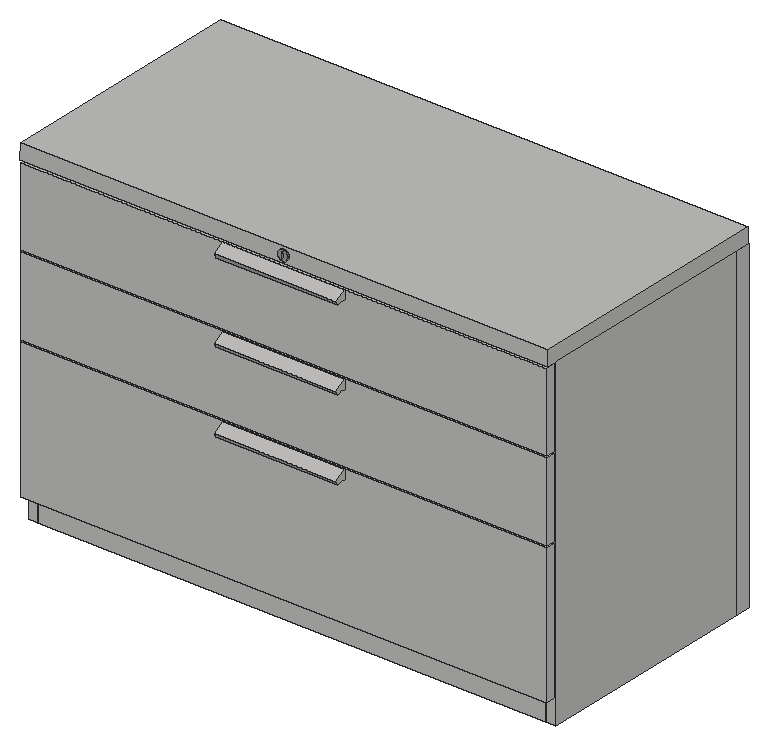
Revit family "Storage-Teknion-PLDWS_Worksurface_Height_Drawer_Cabinet_Standard-R2015", category Furniture, Revit 2015
Parameters (values of type "Worksurface Height Drawer Cabinet - Standard - Configuration - Box / Box / File")
  Width [instance] = 42.0000"
  Warranty = "http://www.teknion.com/ca/papers/legal-canada"
  Unit Weight URL = "http://www.teknion.com/ca/tools/assets#&asset=bee6a381-b954-425e-8283-5a2de3a804f2,f828d448-4b62-4231-9e5f-9a8991c0ed77"
  URL = "www.teknion.com"
  Top of Top Drawer = 25.8250"  # constant formula
  Top of Middle Drawer = 19.4260"  # constant formula
  Top of Bottom Drawer = if(ConfigurationBQ, 17.3500", 13.0000")  # 13.0000"
  Sustainability Data = "http://www.teknion.com/ca/tools/assets#&topic=216f99a5-57a0-44fc-b10a-9dee9b29ae4c&asset=444deb64-fe58-4b68-981e-f75e97781df7"
  Series = "Ledger Plus"  # constant formula
  Product Page URL = "http://www.teknion.com/ca/products/product-details?productlineid=1293336e-8e7a-673b-a6c8-ff00004460c4"
  Product Line = "Filing & Storage"
  Product Documentation Link = "http://www.teknion.com/pricing/filing-storage/pdfs/PLDWS_ppg.pdf"
  Part Number = "PLDWS"
  Model = "PLDWS_BBF_"
  Middle Drawer Visiblitiy I [instance] = and(ConfigurationBBF, Has Interpret Handle Style)  # no
  Middle Drawer Visiblitiy D [instance] = and(ConfigurationBBF, Has District Handle Style)  # yes
  Manufacturer Phone = "416-661-3370"  # constant formula
  Manufacturer Fax = "416.661.4586"  # constant formula
  Manufacturer Contact Information = "http://www.teknion.com/ca/contactus"
  Manufacturer Address = "1150 Flint Road, Toronto, ON. M3J 2J5. Canada"  # constant formula
  Manufacturer = "Teknion"  # constant formula
  Lock Finish [instance] = Stainless Steel, Polished
  Height = 27.2000"  # constant formula
  Has Interpret Handle Style [instance] = not(Has District Handle Style)  # no
  Has District Handle Style [instance] = yes
  Handle Interior Finish [instance] = Paint - Teknion - Accent - Mineral Teal
  Handle Exterior Finish [instance] = Paint - Teknion - Foundation - Crisp Grey
  Front Finish [instance] = Paint - Teknion - Foundation - Crisp Grey
  District Cutout [instance] = if(Has Interpret Handle Style, 7.0000", 1.0000")  # 1.0000"
  Description = "Worksurface Height Drawer Cabinet -  Box / Box / File"
  Depth [instance] = 20.0000"
  ConfigurationLF = no
  ConfigurationBQ = no
  ConfigurationBBF = yes
  Case Finish [instance] = Paint - Teknion - Foundation - Crisp Grey
  Bottom of Top Drawer = if(ConfigurationLF, 13.1560", if(ConfigurationBBF, 19.5820", 17.5060"))  # 19.5820"
  Bottom of Middle Drawer = 13.1560"  # constant formula
  Bottom of Bottom Drawer = if(ConfigurationBQ, 1.5150", 1.9800")  # 1.9800"
  Available Widths [instance] = "24, 30 ,36 , & 42 Inches."  # constant formula
  Available Depths [instance] = "18, & 20 Inches."  # constant formula
  Assembly Code = "E2020200"
Types (4): name | Top of Bottom Drawer | Model | Middle Drawer Visiblitiy D | Description | ConfigurationLF | ConfigurationBQ | ConfigurationBBF | Bottom of Top Drawer | Bottom of Bottom Drawer
  (no name) | 13.0000" | "PLDWS_BBF_" | yes | "Worksurface Height Drawer Cabinet -  Box / Box / File" | no | no | yes | 19.5820" | 1.9800"
  Worksurface Height Drawer Cabinet - Standard - Configuration - Box / Box / File | 13.0000" | "PLDWS_BBF_" | yes | "Worksurface Height Drawer Cabinet -  Box / Box / File" | no | no | yes | 19.5820" | 1.9800"
  Worksurface Height Drawer Cabinet - Standard - Configuration - Box / Extra Large File | 17.3500" | "PLDWS_BQ_" | no | "Worksurface Height Drawer Cabinet - Box / Extra Large File" | no | yes | no | 17.5060" | 1.5150"
  Worksurface Height Drawer Cabinet - Standard - Configuration - Large File / File | 13.0000" | "PLDWS_LF_" | no | "Worksurface Height Drawer Cabinet -  Large File / File" | yes | no | no | 13.1560" | 1.9800"
Reference planes (in)
  plane 1 "Center Front/Back": y = 0
  plane 2: z = 0
  plane 3 "Center Left/Right": x = 0
  plane 4 "Left": x = -21
  plane 5 "Right": x = 21
  plane 6 "Back": y = 10
  plane 7 "Front": y = -10
  plane 8 "Top": z = 27.2
  plane 9 "Left Inner": x = -20.25
  plane 10 "Right Inner": x = 20.25
  plane 11 "Top Underside": z = 25.96
  plane 12 "Drawer back": y = -9.25
  plane 13 "Case Front": y = -9.195
  plane 14 "Bottom Base": z = 1.806
  plane 15: y = 9.25
  plane 16: y = 8.73
  plane 17 "bottom of bottom": z = 1.98
  plane 18 "top of bottom": z = 13
  plane 19 "bottom of middle": z = 13.156
  plane 20 "top of middle": z = 19.426
  plane 21 "bottom of top": z = 19.582
  plane 22 "top of top": z = 25.825
  plane 23 "Cutout": y = -15
Forms (in)
  Extrusion 1, solid, material "Paint - Teknion - Foundation - Crisp Grey" <- "Case Finish"
    sketch origin (0, 0, 25.96) x (-1, 0, 0) y (0, -1, 0)
      loop
        line (21, -10) -> (21, 10) -> (-21, 10) -> (-21, -10) -> (21, -10)
    from 0 to 1.24
  Extrusion 2, solid, material "Paint - Teknion - Foundation - Crisp Grey" <- "Case Finish"
    sketch origin (0, 0, 1.806) x (-1, 0, 0) y (0, -1, 0)
      loop
        line (20.25, -9.25) -> (20.25, 9.195) -> (-20.25, 9.195) -> (-20.25, -9.25) -> (20.25, -9.25)
    from 0 to 0.75
  Extrusion 3, solid, material "Paint - Teknion - Foundation - Crisp Grey" <- "Case Finish"
    sketch origin (0, 0, 0) x (1, 0, 0) y (0, 1, 0)
      loop
        line (-21, 10) -> (-21, 8.73) -> (-20.25, 8.73) -> (-20.25, 9.25) -> (20.25, 9.25) -> (20.25, 8.73) -> (21, 8.73) -> (21, 10) -> (-21, 10)
    from 0 to 25.96
  Extrusion 4, solid, material "Paint - Teknion - Foundation - Crisp Grey" <- "Case Finish"
    sketch origin (0, 0, 0) x (1, 0, 0) y (0, 1, 0)
      loop
        line (-21, 8.73) -> (-21, -9.195) -> (-20.25, -9.195) -> (-20.25, 8.73) -> (-21, 8.73)
    from 0 to 25.96
  Extrusion 5, solid, material "Paint - Teknion - Foundation - Crisp Grey" <- "Case Finish"
    sketch origin (0, 0, 0) x (1, 0, 0) y (0, 1, 0)
      loop
        line (20.25, 8.73) -> (20.25, -9.195) -> (21, -9.195) -> (21, 8.73) -> (20.25, 8.73)
    from 0 to 25.96
  Extrusion 6, solid, material "Paint - Teknion - Foundation - Crisp Grey" <- "Front Finish"
    sketch origin (0, 0, 1.98) x (-1, 0, 0) y (0, -1, 0)
      loop
        line (20.9375, 9.25) -> (20.9375, 10) -> (-20.9375, 10) -> (-20.9375, 9.25) -> (20.9375, 9.25)
    from 0 to 11.02
  Extrusion 7, solid, material "Paint - Teknion - Foundation - Crisp Grey" <- "Front Finish"
    sketch origin (0, 0, 19.582) x (-1, 0, 0) y (0, -1, 0)
      loop
        line (20.9375, 9.25) -> (20.9375, 10) -> (-20.9375, 10) -> (-20.9375, 9.25) -> (20.9375, 9.25)
    from 6.243 to 0
  Extrusion 8, solid, material "Paint - Teknion - Foundation - Crisp Grey" <- "Front Finish", visible <- "ConfigurationBBF"
    sketch origin (0, 0, 13.156) x (-1, 0, 0) y (0, -1, 0)
      loop
        line (20.9375, 9.25) -> (20.9375, 10) -> (-20.9375, 10) -> (-20.9375, 9.25) -> (20.9375, 9.25)
    from 0 to 6.27
  Extrusion 9, solid, material "Paint - Teknion - Foundation - Crisp Grey" <- "Handle Exterior Finish", visible <- "Has District Handle Style"
    sketch origin (0, 0, 0) x (0, 1, 0) y (0, 0, 1)
      loop
        line (-10, 25.39199) -> (-10, 25.825) -> (-10.86603, 25.325) -> (-10.67853, 25.00024)
        arc (-10.67853, 25.00024) -> (-10.34625, 25.09964) -> (-10, 25.07979) r 1.00175
        line (-10, 25.07979) -> (-10, 25.39199)
    from -4.8425 to 4.8425
  Extrusion 10, solid, material "Paint - Teknion - Foundation - Crisp Grey" <- "Handle Exterior Finish", visible <- "Middle Drawer Visiblitiy D"
    sketch origin (0, 0, 0) x (0, 1, 0) y (0, 0, 1)
      loop
        line (-10, 18.99299) -> (-10, 19.426) -> (-10.86603, 18.926) -> (-10.67853, 18.60124)
        arc (-10.67853, 18.60124) -> (-10.34625, 18.70064) -> (-10, 18.68079) r 1.00175
        line (-10, 18.68079) -> (-10, 18.99299)
    from -4.8425 to 4.8425
  Extrusion 11, solid, material "Paint - Teknion - Foundation - Crisp Grey" <- "Handle Exterior Finish", visible <- "Has District Handle Style"
    sketch origin (0, 0, 0) x (0, 1, 0) y (0, 0, 1)
      loop
        line (-10, 12.56699) -> (-10, 13) -> (-10.86603, 12.5) -> (-10.67853, 12.17524)
        arc (-10.67853, 12.17524) -> (-10.34625, 12.27464) -> (-10, 12.25479) r 1.00175
        line (-10, 12.25479) -> (-10, 12.56699)
    from -4.8425 to 4.8425
  Extrusion 12, solid, material "Paint - Teknion - Foundation - Crisp Grey" <- "Case Finish"
    sketch origin (0, 0, 0) x (1, 0, 0) y (0, 1, 0)
      loop
        line (-20.25, -9.195) -> (20.25, -9.195) -> (20.25, -8.445) -> (-20.25, -8.445) -> (-20.25, -9.195)
    from 0 to 1.806
  Extrusion 13, void
    sketch origin (0, -15, 0) x (-1, 0, 0) y (0, 0, 1)
      loop
        line (4.515, 25.825) -> (-4.515, 25.825) -> (-4.515, 24.41)
        arc (-4.515, 24.41) -> (-4.45642, 24.26858) -> (-4.315, 24.21) r 0.2
        line (-4.315, 24.21) -> (4.315, 24.21)
        arc (4.315, 24.21) -> (4.45642, 24.26858) -> (4.515, 24.41) r 0.2
        line (4.515, 24.41) -> (4.515, 25.825)
    from 0 to 1 <- "District Cutout"
  Extrusion 14, void
    sketch origin (0, -15, 0) x (-1, 0, 0) y (0, 0, 1)
      loop
        line (4.515, 19.426) -> (-4.515, 19.426) -> (-4.515, 18.011)
        arc (-4.515, 18.011) -> (-4.45642, 17.86958) -> (-4.315, 17.811) r 0.2
        line (-4.315, 17.811) -> (4.315, 17.811)
        arc (4.315, 17.811) -> (4.45642, 17.86958) -> (4.515, 18.011) r 0.2
        line (4.515, 18.011) -> (4.515, 19.426)
    from 0 to 1 <- "District Cutout"
  Extrusion 15, void
    sketch origin (0, -15, 0) x (-1, 0, 0) y (0, 0, 1)
      loop
        line (4.515, 13) -> (-4.515, 13) -> (-4.515, 11.585)
        arc (-4.515, 11.585) -> (-4.45642, 11.44358) -> (-4.315, 11.385) r 0.2
        line (-4.315, 11.385) -> (4.315, 11.385)
        arc (4.315, 11.385) -> (4.45642, 11.44358) -> (4.515, 11.585) r 0.2
        line (4.515, 11.585) -> (4.515, 13)
    from 0 to 1 <- "District Cutout"
  Extrusion 16, solid, material "Stainless Steel, Polished" <- "Lock Finish"
    sketch origin (0, -10, 0) x (-1, 0, 0) y (0, 0, -1)
      loop
        circle (0, -26.58) r 0.4
      loop
        line (0.06269, -26.80017) -> (0.06269, -26.35983) -> (-0.06269, -26.35983) -> (-0.06269, -26.80017) -> (0.06269, -26.80017)
    from 0.1 to 0
  Extrusion 17, solid, material "Paint - Teknion - Foundation - Crisp Grey" <- "Handle Exterior Finish", visible <- "Has Interpret Handle Style"
    sketch origin (0, -10, 0) x (-1, 0, 0) y (0, 0, -1)
      loop
        arc (4.618, -24.51793) -> (4.50265, -24.23945) -> (4.22417, -24.1241) r 0.39383
        line (4.22417, -24.1241) -> (-4.12448, -24.1241)
        arc (-4.12448, -24.1241) -> (-4.47345, -24.26865) -> (-4.618, -24.61762) r 0.49352
        line (-4.618, -24.61762) -> (-4.618, -25.8736) -> (4.618, -25.8736) -> (4.618, -24.51793)
    from 0 to 0.044
  Extrusion 18, solid, material "Paint - Teknion - Foundation - Crisp Grey" <- "Handle Exterior Finish", visible <- "Middle Drawer Visiblitiy I"
    sketch origin (0, -10, 0) x (-1, 0, 0) y (0, 0, -1)
      loop
        arc (4.618, -18.11893) -> (4.50265, -17.84045) -> (4.22417, -17.7251) r 0.39383
        line (4.22417, -17.7251) -> (-4.12448, -17.7251)
        arc (-4.12448, -17.7251) -> (-4.47345, -17.86965) -> (-4.618, -18.21862) r 0.49352
        line (-4.618, -18.21862) -> (-4.618, -19.4746) -> (4.618, -19.4746) -> (4.618, -18.11893)
    from 0 to 0.044
  Extrusion 19, solid, material "Paint - Teknion - Foundation - Crisp Grey" <- "Handle Exterior Finish", visible <- "Has Interpret Handle Style"
    sketch origin (0.07513, -10, 0) x (-1, 0, 0) y (0, 0, -1)
      loop
        arc (4.69313, -11.69293) -> (4.57778, -11.41445) -> (4.2993, -11.2991) r 0.39383
        line (4.2993, -11.2991) -> (-4.04935, -11.2991)
        arc (-4.04935, -11.2991) -> (-4.39832, -11.44365) -> (-4.54287, -11.79262) r 0.49352
        line (-4.54287, -11.79262) -> (-4.54287, -13.0486) -> (4.69313, -13.0486) -> (4.69313, -11.69293)
    from 0 to 0.044
  Extrusion 20, solid, material "Paint - Teknion - Foundation - Crisp Grey" <- "Handle Exterior Finish", visible <- "Has Interpret Handle Style"
    sketch origin (0, -10, 0) x (-1, 0, 0) y (0, 0, -1)
      loop
        line (4.5315, -25.825) -> (4.5315, -24.6775)
        arc (4.5315, -24.6775) -> (4.39457, -24.34693) -> (4.064, -24.21) r 0.4675
        line (4.064, -24.21) -> (-4.064, -24.21)
        arc (-4.064, -24.21) -> (-4.39457, -24.34693) -> (-4.5315, -24.6775) r 0.4675
        line (-4.5315, -24.6775) -> (-4.5315, -25.825) -> (-4.618, -25.825) -> (-4.618, -25.8736) -> (4.618, -25.8736) -> (4.618, -25.825) -> (4.5315, -25.825)
    from 0 to -0.75
  Extrusion 21, solid, material "Paint - Teknion - Foundation - Crisp Grey" <- "Handle Exterior Finish", visible <- "Middle Drawer Visiblitiy I"
    sketch origin (0, -10, 0) x (-1, 0, 0) y (0, 0, -1)
      loop
        line (4.5315, -19.426) -> (4.5315, -18.2785)
        arc (4.5315, -18.2785) -> (4.39457, -17.94793) -> (4.064, -17.811) r 0.4675
        line (4.064, -17.811) -> (-4.064, -17.811)
        arc (-4.064, -17.811) -> (-4.39457, -17.94793) -> (-4.5315, -18.2785) r 0.4675
        line (-4.5315, -18.2785) -> (-4.5315, -19.426) -> (-4.618, -19.426) -> (-4.618, -19.4746) -> (4.618, -19.4746) -> (4.618, -19.426) -> (4.5315, -19.426)
    from 0 to -0.75
  Extrusion 22, solid, material "Paint - Teknion - Foundation - Crisp Grey" <- "Handle Exterior Finish", visible <- "Has Interpret Handle Style"
    sketch origin (0.07513, -10, 0) x (-1, 0, 0) y (0, 0, -1)
      loop
        line (4.60663, -13) -> (4.60663, -11.8525)
        arc (4.60663, -11.8525) -> (4.4697, -11.52193) -> (4.13914, -11.385) r 0.4675
        line (4.13914, -11.385) -> (-3.98887, -11.385)
        arc (-3.98887, -11.385) -> (-4.31944, -11.52193) -> (-4.45637, -11.8525) r 0.4675
        line (-4.45637, -11.8525) -> (-4.45637, -13) -> (-4.54287, -13) -> (-4.54287, -13.0486) -> (4.69313, -13.0486) -> (4.69313, -13) -> (4.60663, -13)
    from 0 to -0.75
  Extrusion 23, void
    sketch origin (0, 0, 0) x (0, 1, 0) y (0, 0, 1)
      loop
        line (-10.044, 24.22143) -> (-9.94181, 24.55903) -> (-9.91434, 24.59266) -> (-9.8833, 24.58872) -> (-9.85079, 24.54097) -> (-9.83665, 24.5076) -> (-9.79356, 24.46387) -> (-9.73867, 24.42297) -> (-9.66568, 24.3873) -> (-9.59017, 24.3657) -> (-9.54276, 24.36201) -> (-9.3409, 24.35989) -> (-9.3409, 25.6882) -> (-9.56257, 25.68549) -> (-9.69401, 25.64891) -> (-9.78341, 25.59254) -> (-9.82935, 25.55049) -> (-9.84769, 25.51804) -> (-9.85605, 25.48057) -> (-9.89655, 25.45706) -> (-10.01601, 25.4581)
        arc (-10.01601, 25.4581) -> (-10.03511, 25.46063) -> (-10.044, 25.47771) r 0.02086
        line (-10.044, 25.47771) -> (-10.044, 24.22143)
    from -4.1195 to 4.1195
  Extrusion 24, void
    sketch origin (0, 0, 0) x (0, 1, 0) y (0, 0, 1)
      loop
        line (-10.044, 17.82243) -> (-9.94181, 18.16003) -> (-9.91434, 18.19366) -> (-9.8833, 18.18972) -> (-9.85079, 18.14197) -> (-9.83665, 18.1086) -> (-9.79356, 18.06487) -> (-9.73867, 18.02397) -> (-9.66568, 17.9883) -> (-9.59017, 17.9667) -> (-9.54276, 17.96301) -> (-9.3409, 17.96089) -> (-9.3409, 19.2892) -> (-9.56257, 19.28649) -> (-9.69401, 19.24991) -> (-9.78341, 19.19354) -> (-9.82935, 19.15149) -> (-9.84769, 19.11904) -> (-9.85605, 19.08157) -> (-9.89655, 19.05806) -> (-10.01601, 19.0591)
        arc (-10.01601, 19.0591) -> (-10.03511, 19.06163) -> (-10.044, 19.07871) r 0.02086
        line (-10.044, 19.07871) -> (-10.044, 17.82243)
    from -4.1195 to 4.1195
  Extrusion 25, void
    sketch origin (0, 0, 0) x (0, 1, 0) y (0, 0, 1)
      loop
        line (-10.044, 11.39643) -> (-9.94181, 11.73403) -> (-9.91434, 11.76766) -> (-9.8833, 11.76372) -> (-9.85079, 11.71597) -> (-9.83665, 11.6826) -> (-9.79356, 11.63887) -> (-9.73867, 11.59797) -> (-9.66568, 11.5623) -> (-9.59017, 11.5407) -> (-9.54276, 11.53701) -> (-9.3409, 11.53489) -> (-9.3409, 12.8632) -> (-9.56257, 12.86049) -> (-9.69401, 12.82391) -> (-9.78341, 12.76754) -> (-9.82935, 12.72549) -> (-9.84769, 12.69304) -> (-9.85605, 12.65557) -> (-9.89655, 12.63206) -> (-10.01601, 12.6331)
        arc (-10.01601, 12.6331) -> (-10.03511, 12.63563) -> (-10.044, 12.65271) r 0.02086
        line (-10.044, 12.65271) -> (-10.044, 11.39643)
    from -4.1195 to 4.1195
Cuts and joins
  Extrusion 13 cuts Extrusion 7
  Extrusion 14 cuts Extrusion 8
  Extrusion 15 cuts Extrusion 6
  Extrusion 23 cuts Extrusion 17
  Extrusion 23 cuts Extrusion 20
  joined: Extrusion 17, Extrusion 20
  Extrusion 24 cuts Extrusion 18
  Extrusion 24 cuts Extrusion 21
  joined: Extrusion 18, Extrusion 21
  Extrusion 25 cuts Extrusion 19
  Extrusion 25 cuts Extrusion 22
  joined: Extrusion 19, Extrusion 22
Lines and regions (in)
  Masking region 1
    outline origin (0, 0, 0) x (1, 0, 0) y (0, 1, 0)
      loop
        line (-21, 10) -> (-21, -10) -> (21, -10) -> (21, 10) -> (-21, 10)
  Masking region 2, visible <- "Has Interpret Handle Style"
    outline origin (0, 0, 0) x (1, 0, 0) y (0, 1, 0)
      loop
        line (-4.618, -10.044) -> (4.618, -10.044) -> (4.618, -10) -> (-4.618, -10) -> (-4.618, -10.044)
  Masking region 3, visible <- "Has District Handle Style"
    outline origin (0, 0, 0) x (1, 0, 0) y (0, 1, 0)
      loop
        line (-4.8425, -10) -> (-4.8425, -10.86603) -> (4.8425, -10.86603) -> (4.8425, -10) -> (-4.8425, -10)
  Masking region 4
    outline origin (0, 0, 0) x (1, 0, 0) y (0, 1, 0)
      loop
        line (-0.40074, -10) -> (-0.40074, -10.1) -> (0.39926, -10.1) -> (0.39926, -10) -> (-0.40074, -10)
  symbolic lines, style "FurnitureHiddenLines", detail levels medium+fine
    curve 1: line (-20.9375, -10, 0) -> (-20.9375, -9.25, 0)
    curve 2: line (-20.9375, -9.25, 0) -> (20.9375, -9.25, 0)
    curve 3: line (20.9375, -9.25, 0) -> (20.9375, -10, 0)
    curve 4: line (20.25, -9.195, 0) -> (20.25, 9.25, 0)
    curve 5: line (20.25, 9.25, 0) -> (-20.25, 9.25, 0)
    curve 6: line (-20.25, 9.25, 0) -> (-20.25, -9.195, 0)
    curve 7: line (-20.25, -8.5, 0) -> (20.25, -8.5, 0)
    curve 8: line (-21, 8.73, 0) -> (-20.25, 8.73, 0)
    curve 9: line (20.25, 8.73, 0) -> (21, 8.73, 0)
    curve 18: line (-21, -9.195, 0) -> (21, -9.195, 0)
  symbolic lines, style "FurnitureHiddenLines", visible <- "Has Interpret Handle Style", detail levels medium+fine
    curve 10: line (-4.618, -9.25, 0) -> (-4.618, -10, 0)
    curve 11: line (4.618, -9.25, 0) -> (4.618, -10, 0)
  symbolic lines
    curve 12: line (-0.40074, -10, 0) -> (-0.40074, -10.1, 0)
    curve 13: line (-0.40074, -10.1, 0) -> (0.39926, -10.1, 0)
    curve 14: line (0.39926, -10.1, 0) -> (0.39926, -10, 0)
  symbolic lines, style "FurnitureHiddenLines", visible <- "Has Interpret Handle Style", detail levels fine
    curve 15: line (-4.1195, -10.044, 0) -> (-4.1195, -9.3409, 0)
    curve 16: line (-4.1195, -9.3409, 0) -> (4.1195, -9.3409, 0)
    curve 17: line (4.1195, -9.3409, 0) -> (4.1195, -10.044, 0)
  reference lines, not visible
    curve 19: line (-21, 10, 0) -> (-21, -10, 0)
    curve 20: line (-21, 10, 0) -> (21, 10, 0)
    curve 21: line (21, 10, 0) -> (21, -10, 0)
    curve 22: line (21, -10, 0) -> (-21, -10, 0)
Dimensions and locks (in)
  "Width": plane 4 "Left" to plane 5 "Right"
  "Depth": plane 6 "Back" to plane 7 "Front"
  "Height": plane 8 "Top" to level
  equal spacing: plane 6 "Back", plane 1 "Center Front/Back", plane 7 "Front"
  equal spacing: plane 4 "Left", plane 3 "Center Left/Right", plane 5 "Right"
  locked: plane 9 "Left Inner" to plane 4 "Left" at 0.75
  locked: plane 5 "Right" to plane 10 "Right Inner" at 0.75
  locked: plane 8 "Top" to plane 11 "Top Underside" at 1.24
  locked: plane 7 "Front" to plane 12 "Drawer back" at 0.75
  locked: plane 13 "Case Front" to plane 12 "Drawer back" at 0.055
  locked: plane 14 "Bottom Base" to level at 1.806
  locked: plane 6 "Back" to plane 16 at 1.27
  locked: plane 6 "Back" to plane 15 at 0.75
  "Bottom of Bottom Drawer": plane 17 "bottom of bottom" to level
  locked: plane 4 "Left" to Extrusion 6 sketch curve at 0.0625
  locked: Extrusion 6 sketch curve to plane 5 "Right" at 0.0625
  locked: Extrusion 9 sketch curve to plane 7 "Front" at 0
  locked: Extrusion 9 sketch curve to plane 22 "top of top" at 0
  locked: Extrusion 10 sketch curve to plane 7 "Front" at 0
  locked: Extrusion 10 sketch curve to plane 20 "top of middle" at 0
  locked: Extrusion 11 sketch curve to plane 7 "Front" at 0
  locked: Extrusion 11 sketch curve to plane 18 "top of bottom" at 0
  locked: Extrusion 12 sketch curve to plane 13 "Case Front" at 0.75
  locked: plane 23 "Cutout" to Extrusion 8 at 5
  locked: Extrusion 13 sketch curve to Extrusion 13 sketch curve at 9.03
  locked: Extrusion 13 sketch curve to Extrusion 13 sketch curve at 1.615
  locked: Extrusion 14 sketch curve to Extrusion 14 sketch curve at 9.03
  locked: Extrusion 14 sketch curve to Extrusion 14 sketch curve at 1.615
  locked: Extrusion 15 sketch curve to Extrusion 15 sketch curve at 9.03
  locked: Extrusion 15 sketch curve to Extrusion 15 sketch curve at 1.615
  locked: Extrusion 13 sketch curve to plane 22 "top of top" at 0
  locked: Extrusion 14 sketch curve to plane 20 "top of middle" at 0
  locked: Extrusion 15 sketch curve to plane 18 "top of bottom" at 0
  locked: Extrusion 17 sketch curve to Extrusion 17 sketch curve at 9.236
  locked: Extrusion 17 sketch curve to Extrusion 17 sketch curve at 1.7495
  locked: Extrusion 18 sketch curve to Extrusion 18 sketch curve at 9.236
  locked: Extrusion 18 sketch curve to Extrusion 18 sketch curve at 1.7495
  locked: Extrusion 19 sketch curve to Extrusion 19 sketch curve at 9.236
  locked: Extrusion 19 sketch curve to Extrusion 19 sketch curve at 1.7495
  locked: Extrusion 17 sketch curve to plane 22 "top of top" at 0.0486
  locked: Extrusion 18 sketch curve to plane 20 "top of middle" at 0.0486
  locked: Extrusion 19 sketch curve to plane 18 "top of bottom" at 0.0486
  locked: Extrusion 20 sketch curve to plane 22 "top of top" at 0.0486
  locked: Extrusion 18 to plane 20 "top of middle" at 0.0486
  locked: Extrusion 19 to plane 18 "top of bottom" at 0.0486
  locked: plane 22 "top of top" to Extrusion 23 sketch curve at 0.1368
  locked: plane 12 "Drawer back" to Extrusion 23 sketch curve at 0.0909
  locked: cut or joined group of Extrusion 8, Extrusion 14 to Extrusion 24 sketch curve at 0.1368
  locked: plane 12 "Drawer back" to Extrusion 24 sketch curve at 0.0909
  locked: cut or joined group of Extrusion 6, Extrusion 15 to Extrusion 25 sketch curve at 0.1368
  locked: plane 12 "Drawer back" to Extrusion 25 sketch curve at 0.0909
  "Top of Bottom Drawer": plane 18 "top of bottom" to level
  "Bottom of Middle Drawer": plane 19 "bottom of middle" to level
  "Top of Middle Drawer": plane 20 "top of middle" to level
  "Bottom of Top Drawer": plane 21 "bottom of top" to level
  "Top of Top Drawer": plane 22 "top of top" to level
  locked: plane 4 "Left" to Extrusion 8 sketch curve at 0.0625
  locked: Extrusion 8 sketch curve to plane 5 "Right" at 0.0625
  locked: Extrusion 7 sketch curve to plane 5 "Right" at 0.0625
  locked: plane 4 "Left" to Extrusion 7 sketch curve at 0.0625
  equal spacing: Extrusion 16 sketch curve, Extrusion 16 sketch curve, Extrusion 16 sketch curve, locked at 0.06269 each
  equal spacing: Extrusion 16 sketch curve, Extrusion 16 sketch curve, Extrusion 16 sketch curve, locked at 0.22017 each
  locked: Extrusion 16 sketch curve to Extrusion 16 sketch curve at 0.44035
  locked: Extrusion 16 sketch curve to Extrusion 16 sketch curve at 0.12537
  locked: plane 3 "Center Left/Right" to Extrusion 16 sketch curve at 0
  equal spacing: plane 8 "Top", Extrusion 16 sketch curve, plane 11 "Top Underside", locked at 0.62 each
  locked: plane 7 "Front" to Extrusion 16 at 0.1
  locked: plane 12 "Drawer back" to Extrusion 16 at 0.85
  equal spacing: Extrusion 10, plane 3 "Center Left/Right", Extrusion 10
  locked: Extrusion 10 to Extrusion 10 at 9.685
  equal spacing: Extrusion 11, plane 3 "Center Left/Right", Extrusion 11
  locked: Extrusion 11 to Extrusion 11 at 9.685
  equal spacing: Extrusion 9, plane 3 "Center Left/Right", Extrusion 9
  locked: Extrusion 9 to Extrusion 9 at 9.685
  locked: Extrusion 9 sketch curve to Extrusion 9 sketch curve at 1
  locked: Extrusion 9 sketch curve to Extrusion 9 sketch curve at 0.375
  locked: Extrusion 9 sketch curve to Extrusion 9 sketch curve at 0.74521
  locked: Extrusion 10 sketch curve to Extrusion 10 sketch curve at 1
  locked: Extrusion 10 sketch curve to Extrusion 10 sketch curve at 0.375
  locked: Extrusion 10 sketch curve to Extrusion 10 sketch curve at 0.74521
  locked: Extrusion 11 sketch curve to Extrusion 11 sketch curve at 1
  locked: Extrusion 11 sketch curve to Extrusion 11 sketch curve at 0.375
  locked: Extrusion 11 sketch curve to Extrusion 11 sketch curve at 0.74521
  equal spacing: Extrusion 17 sketch curve, plane 3 "Center Left/Right", Extrusion 17 sketch curve
  equal spacing: Extrusion 19 sketch curve, plane 3 "Center Left/Right", Extrusion 19 sketch curve
  equal spacing: Extrusion 15 sketch curve, plane 3 "Center Left/Right", Extrusion 15 sketch curve
  equal spacing: Extrusion 14 sketch curve, plane 3 "Center Left/Right", Extrusion 14 sketch curve
  equal spacing: Extrusion 13 sketch curve, plane 3 "Center Left/Right", Extrusion 13 sketch curve
  locked: Extrusion 22 sketch curve to Extrusion 22 sketch curve at 9.236
  equal spacing: Extrusion 22 sketch curve, plane 3 "Center Left/Right", Extrusion 22 sketch curve  (x2)
  locked: Extrusion 22 sketch curve to Extrusion 22 sketch curve at 9.063
  locked: Extrusion 22 sketch curve to Extrusion 22 sketch curve at 1.6636
  equal spacing: Extrusion 21 sketch curve, plane 3 "Center Left/Right", Extrusion 21 sketch curve  (x2)
  locked: Extrusion 21 sketch curve to Extrusion 21 sketch curve at 9.236
  locked: Extrusion 21 sketch curve to Extrusion 21 sketch curve at 9.063
  locked: Extrusion 21 sketch curve to Extrusion 21 sketch curve at 1.6636
  equal spacing: Extrusion 20 sketch curve, plane 3 "Center Left/Right", Extrusion 20 sketch curve  (x2)
  locked: Extrusion 20 sketch curve to Extrusion 20 sketch curve at 9.236
  locked: Extrusion 20 sketch curve to Extrusion 20 sketch curve at 9.063
  locked: Extrusion 20 sketch curve to Extrusion 20 sketch curve at 1.6636
  locked: plane 7 "Front" to cut or joined group of Extrusion 19, Extrusion 22, Extrusion 25 at 0.044
  locked: plane 7 "Front" to cut or joined group of Extrusion 18, Extrusion 21, Extrusion 24 at 0.044
  locked: plane 7 "Front" to cut or joined group of Extrusion 17, Extrusion 20, Extrusion 23 at 0.044
  aligned and locked: level to plane 2
  aligned and locked: plane 5 "Right" to Extrusion 1 sketch curve
  aligned and locked: Extrusion 1 sketch curve to plane 6 "Back"
  aligned and locked: plane 4 "Left" to Extrusion 1 sketch curve
  aligned and locked: Extrusion 1 sketch curve to plane 7 "Front"
  aligned and locked: plane 8 "Top" to Extrusion 1
  aligned and locked: Extrusion 2 sketch curve to plane 15
  aligned and locked: plane 9 "Left Inner" to Extrusion 2 sketch curve
  aligned and locked: plane 13 "Case Front" to Extrusion 2 sketch curve
  aligned and locked: Extrusion 2 sketch curve to plane 10 "Right Inner"
  aligned and locked: Extrusion 3 sketch curve to plane 4 "Left"
  aligned and locked: Extrusion 3 sketch curve to plane 16  (x2)
  aligned and locked: plane 9 "Left Inner" to Extrusion 3 sketch curve
  aligned and locked: Extrusion 3 sketch curve to plane 15
  aligned and locked: Extrusion 3 sketch curve to plane 10 "Right Inner"
  aligned and locked: Extrusion 3 sketch curve to plane 5 "Right"
  aligned and locked: plane 6 "Back" to Extrusion 3 sketch curve
  aligned and locked: plane 11 "Top Underside" to Extrusion 3
  aligned and locked: plane 4 "Left" to Extrusion 4 sketch curve
  aligned and locked: Extrusion 4 sketch curve to plane 9 "Left Inner"
  aligned and locked: plane 13 "Case Front" to Extrusion 4 sketch curve
  aligned and locked: Extrusion 4 sketch curve to plane 16
  aligned and locked: Extrusion 5 sketch curve to plane 16
  aligned and locked: plane 10 "Right Inner" to Extrusion 5 sketch curve
  aligned and locked: plane 13 "Case Front" to Extrusion 5 sketch curve
  aligned and locked: plane 5 "Right" to Extrusion 5 sketch curve
  aligned and locked: plane 11 "Top Underside" to Extrusion 4
  aligned and locked: plane 11 "Top Underside" to Extrusion 5
  aligned and locked: Extrusion 6 sketch curve to plane 12 "Drawer back"
  aligned and locked: Extrusion 6 sketch curve to plane 7 "Front"
  aligned and locked: plane 18 "top of bottom" to Extrusion 6
  aligned and locked: Extrusion 7 sketch curve to plane 12 "Drawer back"
  aligned and locked: Extrusion 7 sketch curve to plane 7 "Front"
  aligned and locked: Extrusion 8 sketch curve to plane 12 "Drawer back"
  aligned and locked: Extrusion 8 sketch curve to plane 7 "Front"
  aligned and locked: plane 22 "top of top" to Extrusion 7
  aligned and locked: plane 20 "top of middle" to Extrusion 8
  aligned and locked: Extrusion 12 sketch curve to plane 13 "Case Front"
  aligned and locked: Extrusion 12 sketch curve to plane 9 "Left Inner"
  aligned and locked: plane 10 "Right Inner" to Extrusion 12 sketch curve
  aligned and locked: plane 14 "Bottom Base" to Extrusion 12
  aligned and locked: plane 12 "Drawer back" to Extrusion 21
  aligned and locked: plane 12 "Drawer back" to Extrusion 20
  aligned and locked: plane 12 "Drawer back" to Extrusion 22
  aligned and locked: plane 7 "Front" to Masking region 3 sketch curve
  aligned and locked: Masking region 4 sketch curve to Extrusion 16
  aligned and locked: plane 7 "Front" to Masking region 4 sketch curve
  aligned and locked: curve 9 to plane 16
  aligned and locked: plane 10 "Right Inner" to curve 4
  aligned and locked: curve 6 to plane 9 "Left Inner"
  aligned and locked: curve 8 to plane 16
  aligned and locked: curve 10 to cut or joined group of Extrusion 17, Extrusion 20, Extrusion 23
  aligned and locked: curve 11 to cut or joined group of Extrusion 19, Extrusion 22, Extrusion 25
  aligned and locked: Masking region 1 to plane 4 "Left"
  aligned and locked: Masking region 1 to plane 5 "Right"
  aligned and locked: plane 6 "Back" to Masking region 1
  aligned and locked: plane 7 "Front" to Masking region 1
  aligned and locked: plane 4 "Left" to Masking region 1 sketch curve
  aligned and locked: curve 6 to Extrusion 2
  aligned and locked: Masking region 2 sketch curve to cut or joined group of Extrusion 17, Extrusion 20, Extrusion 23  (x2)
  aligned and locked: Masking region 2 sketch curve to plane 7 "Front"
  aligned and locked: Masking region 2 sketch curve to cut or joined group of Extrusion 19, Extrusion 22, Extrusion 25
  aligned and locked: curve 14 to Masking region 4
  aligned and locked: curve 13 to Extrusion 16
  aligned and locked: curve 12 to Masking region 4
  aligned and locked: Masking region 4 to plane 7 "Front"
  aligned and locked: curve 18 to plane 13 "Case Front"
  aligned and locked: curve 19 to plane 4 "Left"
  aligned and locked: curve 20 to plane 6 "Back"
  aligned and locked: plane 5 "Right" to curve 21
  aligned and locked: curve 22 to plane 7 "Front"
  aligned and locked: Extrusion 1 to plane 11 "Top Underside"
  aligned and locked: Extrusion 7 to plane 21 "bottom of top"
  aligned and locked: Extrusion 8 to plane 19 "bottom of middle"
  aligned and locked: Extrusion 6 to plane 17 "bottom of bottom"
  aligned and locked: Extrusion 2 to plane 14 "Bottom Base"
  aligned and locked: Extrusion 12 to Extrusion 2
  aligned and locked: Extrusion 4 to level
  aligned and locked: Extrusion 3 to level
  aligned and locked: Extrusion 5 to level
  aligned and locked: Extrusion 12 to level
  aligned and locked: Extrusion 16 to plane 7 "Front"
  aligned and locked: Extrusion 22 sketch curve to plane 18 "top of bottom"  (x2)
  aligned and locked: Extrusion 21 sketch curve to plane 20 "top of middle"  (x2)
  aligned and locked: Extrusion 20 sketch curve to plane 22 "top of top"  (x2)
  aligned and locked: Extrusion 18 to plane 7 "Front"
  aligned and locked: Extrusion 17 to plane 7 "Front"
  aligned and locked: Extrusion 19 to plane 7 "Front"
  aligned and locked: plane 7 "Front" to Extrusion 22
  aligned and locked: plane 7 "Front" to Extrusion 21
  aligned and locked: plane 7 "Front" to Extrusion 20
  aligned and locked: curve 17 to cut or joined group of Extrusion 17, Extrusion 20, Extrusion 23
Automatic sketch dimensions
  plane 7 "Front" to Extrusion 9 sketch curve = 0.22961"
  Extrusion 9 sketch curve to Extrusion 9 sketch curve = 0.1875"
  Extrusion 9 sketch curve to Extrusion 9 sketch curve = 0.3122"
  plane 7 "Front" to Extrusion 10 sketch curve = 0.22961"
  Extrusion 10 sketch curve to Extrusion 10 sketch curve = 0.1875"
  Extrusion 10 sketch curve to Extrusion 10 sketch curve = 0.3122"
  plane 7 "Front" to Extrusion 11 sketch curve = 0.22961"
  Extrusion 11 sketch curve to Extrusion 11 sketch curve = 0.1875"
  Extrusion 11 sketch curve to Extrusion 11 sketch curve = 0.3122"
  Extrusion 13 sketch curve to Extrusion 13 sketch curve = 0.2000"  (x2)
  Extrusion 14 sketch curve to Extrusion 14 sketch curve = 0.2000"  (x2)
  Extrusion 15 sketch curve to Extrusion 15 sketch curve = 0.2000"  (x2)
  Extrusion 17 sketch curve to Extrusion 17 sketch curve = 0.49352"
  Extrusion 17 sketch curve to Extrusion 17 sketch curve = 0.39383"
  Extrusion 18 sketch curve to plane 3 "Center Left/Right" = 4.6180"
  Extrusion 18 sketch curve to Extrusion 18 sketch curve = 0.49352"
  Extrusion 18 sketch curve to Extrusion 18 sketch curve = 0.39383"
  Extrusion 19 sketch curve to Extrusion 19 sketch curve = 0.49352"
  Extrusion 19 sketch curve to Extrusion 19 sketch curve = 0.39383"
  plane 7 "Front" to Extrusion 23 sketch curve = 0.0440"
  Extrusion 23 sketch curve to Extrusion 23 sketch curve = 0.02086"
  plane 7 "Front" to Extrusion 23 sketch curve = 0.01601"
  Extrusion 23 sketch curve to plane 7 "Front" = 0.05819"
  Extrusion 23 sketch curve to Extrusion 23 sketch curve = 0.02746"
  Extrusion 23 sketch curve to plane 7 "Front" = 0.10345"
  Extrusion 23 sketch curve to Extrusion 23 sketch curve = 0.03105"
  Extrusion 23 sketch curve to Extrusion 23 sketch curve = 0.0405"
  Extrusion 23 sketch curve to Extrusion 23 sketch curve = 0.03251"
  Extrusion 23 sketch curve to Extrusion 23 sketch curve = 0.00836"
  Extrusion 23 sketch curve to Extrusion 23 sketch curve = 0.01413"
  Extrusion 23 sketch curve to Extrusion 23 sketch curve = 0.01834"
  Extrusion 23 sketch curve to Extrusion 23 sketch curve = 0.0431"
  Extrusion 23 sketch curve to Extrusion 23 sketch curve = 0.04595"
  Extrusion 23 sketch curve to Extrusion 23 sketch curve = 0.05489"
  Extrusion 23 sketch curve to Extrusion 23 sketch curve = 0.0894"
  Extrusion 23 sketch curve to Extrusion 23 sketch curve = 0.07299"
  Extrusion 23 sketch curve to Extrusion 23 sketch curve = 0.07551"
  Extrusion 23 sketch curve to plane 22 "top of top" = 0.13951"
  Extrusion 23 sketch curve to Extrusion 23 sketch curve = 0.13144"
  Extrusion 23 sketch curve to Extrusion 23 sketch curve = 0.04741"
  Extrusion 23 sketch curve to Extrusion 23 sketch curve = 0.03657"
  Extrusion 23 sketch curve to Extrusion 23 sketch curve = 0.05637"
  Extrusion 23 sketch curve to Extrusion 23 sketch curve = 0.04206"
  Extrusion 23 sketch curve to Extrusion 23 sketch curve = 0.03244"
  Extrusion 23 sketch curve to Extrusion 23 sketch curve = 0.03747"
  Extrusion 23 sketch curve to Extrusion 23 sketch curve = 0.00286"
  Extrusion 23 sketch curve to Extrusion 23 sketch curve = 0.02351"
  Extrusion 23 sketch curve to Extrusion 23 sketch curve = 0.86441"
  Extrusion 23 sketch curve to Extrusion 23 sketch curve = 0.00394"
  Extrusion 23 sketch curve to Extrusion 23 sketch curve = 0.03363"
  Extrusion 23 sketch curve to Extrusion 23 sketch curve = 0.04775"
  Extrusion 23 sketch curve to Extrusion 23 sketch curve = 0.03337"
  Extrusion 23 sketch curve to Extrusion 23 sketch curve = 0.04373"
  Extrusion 23 sketch curve to Extrusion 23 sketch curve = 0.0409"
  Extrusion 23 sketch curve to Extrusion 23 sketch curve = 0.03567"
  Extrusion 23 sketch curve to Extrusion 23 sketch curve = 0.0216"
  Extrusion 23 sketch curve to Extrusion 23 sketch curve = 0.00369"
  Extrusion 23 sketch curve to Extrusion 23 sketch curve = 0.00211"
  Extrusion 23 sketch curve to Extrusion 23 sketch curve = 0.24244"
  plane 7 "Front" to Extrusion 24 sketch curve = 0.0440"
  Extrusion 24 sketch curve to Extrusion 24 sketch curve = 0.02086"
  plane 7 "Front" to Extrusion 24 sketch curve = 0.01601"
  Extrusion 24 sketch curve to plane 7 "Front" = 0.05819"
  Extrusion 24 sketch curve to Extrusion 24 sketch curve = 0.02746"
  Extrusion 24 sketch curve to plane 7 "Front" = 0.10345"
  Extrusion 24 sketch curve to Extrusion 24 sketch curve = 0.03105"
  Extrusion 24 sketch curve to Extrusion 24 sketch curve = 0.0405"
  Extrusion 24 sketch curve to Extrusion 24 sketch curve = 0.03251"
  Extrusion 24 sketch curve to Extrusion 24 sketch curve = 0.00836"
  Extrusion 24 sketch curve to Extrusion 24 sketch curve = 0.01413"
  Extrusion 24 sketch curve to Extrusion 24 sketch curve = 0.01834"
  Extrusion 24 sketch curve to Extrusion 24 sketch curve = 0.0431"
  Extrusion 24 sketch curve to Extrusion 24 sketch curve = 0.04595"
  Extrusion 24 sketch curve to Extrusion 24 sketch curve = 0.05489"
  Extrusion 24 sketch curve to plane 20 "top of middle" = 0.17609"
  Extrusion 24 sketch curve to Extrusion 24 sketch curve = 0.0894"
  Extrusion 24 sketch curve to Extrusion 24 sketch curve = 0.07299"
  Extrusion 24 sketch curve to Extrusion 24 sketch curve = 0.07551"
  Extrusion 24 sketch curve to plane 20 "top of middle" = 0.13951"
  Extrusion 24 sketch curve to Extrusion 24 sketch curve = 0.13144"
  Extrusion 24 sketch curve to Extrusion 24 sketch curve = 0.04741"
  Extrusion 24 sketch curve to Extrusion 24 sketch curve = 0.05637"
  Extrusion 24 sketch curve to Extrusion 24 sketch curve = 0.04206"
  Extrusion 24 sketch curve to Extrusion 24 sketch curve = 0.03244"
  Extrusion 24 sketch curve to Extrusion 24 sketch curve = 0.03747"
  Extrusion 24 sketch curve to Extrusion 24 sketch curve = 0.00286"
  Extrusion 24 sketch curve to Extrusion 24 sketch curve = 0.02351"
  Extrusion 24 sketch curve to Extrusion 24 sketch curve = 0.86441"
  Extrusion 24 sketch curve to Extrusion 24 sketch curve = 0.00394"
  Extrusion 24 sketch curve to Extrusion 24 sketch curve = 0.03363"
  Extrusion 24 sketch curve to Extrusion 24 sketch curve = 0.04775"
  Extrusion 24 sketch curve to Extrusion 24 sketch curve = 0.03337"
  Extrusion 24 sketch curve to Extrusion 24 sketch curve = 0.04373"
  Extrusion 24 sketch curve to Extrusion 24 sketch curve = 0.0409"
  Extrusion 24 sketch curve to Extrusion 24 sketch curve = 0.03567"
  Extrusion 24 sketch curve to Extrusion 24 sketch curve = 0.0216"
  Extrusion 24 sketch curve to Extrusion 24 sketch curve = 0.00369"
  Extrusion 24 sketch curve to Extrusion 24 sketch curve = 0.00211"
  Extrusion 24 sketch curve to Extrusion 24 sketch curve = 0.24244"
  plane 7 "Front" to Extrusion 25 sketch curve = 0.0440"
  Extrusion 25 sketch curve to Extrusion 25 sketch curve = 0.02086"
  plane 7 "Front" to Extrusion 25 sketch curve = 0.01601"
  Extrusion 25 sketch curve to plane 7 "Front" = 0.05819"
  Extrusion 25 sketch curve to Extrusion 25 sketch curve = 0.02746"
  Extrusion 25 sketch curve to plane 7 "Front" = 0.10345"
  Extrusion 25 sketch curve to Extrusion 25 sketch curve = 0.03105"
  Extrusion 25 sketch curve to Extrusion 25 sketch curve = 0.0405"
  Extrusion 25 sketch curve to Extrusion 25 sketch curve = 0.03251"
  Extrusion 25 sketch curve to Extrusion 25 sketch curve = 0.00836"
  Extrusion 25 sketch curve to Extrusion 25 sketch curve = 0.01413"
  Extrusion 25 sketch curve to Extrusion 25 sketch curve = 0.01834"
  Extrusion 25 sketch curve to Extrusion 25 sketch curve = 0.0431"
  Extrusion 25 sketch curve to Extrusion 25 sketch curve = 0.04595"
  Extrusion 25 sketch curve to Extrusion 25 sketch curve = 0.05489"
  Extrusion 25 sketch curve to plane 18 "top of bottom" = 0.17609"
  Extrusion 25 sketch curve to Extrusion 25 sketch curve = 0.0894"
  Extrusion 25 sketch curve to Extrusion 25 sketch curve = 0.07299"
  Extrusion 25 sketch curve to Extrusion 25 sketch curve = 0.07551"
  Extrusion 25 sketch curve to plane 18 "top of bottom" = 0.13951"
  Extrusion 25 sketch curve to Extrusion 25 sketch curve = 0.13144"
  Extrusion 25 sketch curve to Extrusion 25 sketch curve = 0.04741"
  Extrusion 25 sketch curve to Extrusion 25 sketch curve = 0.05637"
  Extrusion 25 sketch curve to Extrusion 25 sketch curve = 0.04206"
  Extrusion 25 sketch curve to Extrusion 25 sketch curve = 0.03244"
  Extrusion 25 sketch curve to Extrusion 25 sketch curve = 0.03747"
  Extrusion 25 sketch curve to Extrusion 25 sketch curve = 0.00286"
  Extrusion 25 sketch curve to Extrusion 25 sketch curve = 0.02351"
  Extrusion 25 sketch curve to Extrusion 25 sketch curve = 0.86441"
  Extrusion 25 sketch curve to Extrusion 25 sketch curve = 0.00394"
  Extrusion 25 sketch curve to Extrusion 25 sketch curve = 0.03363"
  Extrusion 25 sketch curve to Extrusion 25 sketch curve = 0.04775"
  Extrusion 25 sketch curve to Extrusion 25 sketch curve = 0.03337"
  Extrusion 25 sketch curve to Extrusion 25 sketch curve = 0.04373"
  Extrusion 25 sketch curve to Extrusion 25 sketch curve = 0.0409"
  Extrusion 25 sketch curve to Extrusion 25 sketch curve = 0.03567"
  Extrusion 25 sketch curve to Extrusion 25 sketch curve = 0.0216"
  Extrusion 25 sketch curve to Extrusion 25 sketch curve = 0.00369"
  Extrusion 25 sketch curve to Extrusion 25 sketch curve = 0.00211"
  Extrusion 25 sketch curve to Extrusion 25 sketch curve = 0.24244"
  Masking region 4 sketch curve to plane 3 "Center Left/Right" = 0.40074"
  plane 3 "Center Left/Right" to Masking region 4 sketch curve = 0.39926"
  Masking region 1 sketch curve to plane 5 "Right" = 0.0000"
  plane 7 "Front" to Masking region 1 sketch curve = 0.0000"
  Masking region 1 sketch curve to plane 6 "Back" = 0.0000"
  Extrusion 3 sketch curve to plane 5 "Right" = 0.0000"
  plane 7 "Front" to Masking region 3 sketch curve = 0.86603"
  Masking region 3 sketch curve to plane 3 "Center Left/Right" = 4.8425"
  plane 3 "Center Left/Right" to Masking region 3 sketch curve = 4.8425"
  Extrusion 22 sketch curve to Extrusion 22 sketch curve = 0.4675"  (x2)
  plane 18 "top of bottom" to Extrusion 22 sketch curve = 1.1475"
  Extrusion 21 sketch curve to Extrusion 21 sketch curve = 0.4675"  (x2)
  plane 20 "top of middle" to Extrusion 21 sketch curve = 1.1475"
  Extrusion 20 sketch curve to Extrusion 20 sketch curve = 0.4675"  (x2)
  curve 18 to plane 4 "Left" = 0.0000"
  curve 8 to plane 4 "Left" = 0.0000"
  curve 2 to plane 12 "Drawer back" = 0.0000"
  plane 7 "Front" to curve 1 = 0.0000"
  plane 7 "Front" to curve 3 = 0.0000"
  curve 18 to plane 5 "Right" = 0.0000"
  curve 9 to plane 5 "Right" = 0.0000"
  plane 7 "Front" to curve 10 = 0.0000"
  plane 7 "Front" to curve 12 = 0.0000"
  plane 7 "Front" to curve 14 = 0.0000"
  plane 7 "Front" to curve 11 = 0.0000"
  curve 5 to plane 15 = 0.0000"
  plane 4 "Left" to curve 2 = 0.0625"
  curve 15 to plane 12 "Drawer back" = 0.0909"
  curve 10 to curve 15 = 0.4985"
  plane 5 "Right" to curve 2 = 0.0625"
  plane 7 "Front" to curve 17 = 0.0440"
  plane 7 "Front" to curve 15 = 0.0440"
  curve 6 to curve 7 = 0.6950"
  radius of Extrusion 16 sketch curve = 0.4000"
